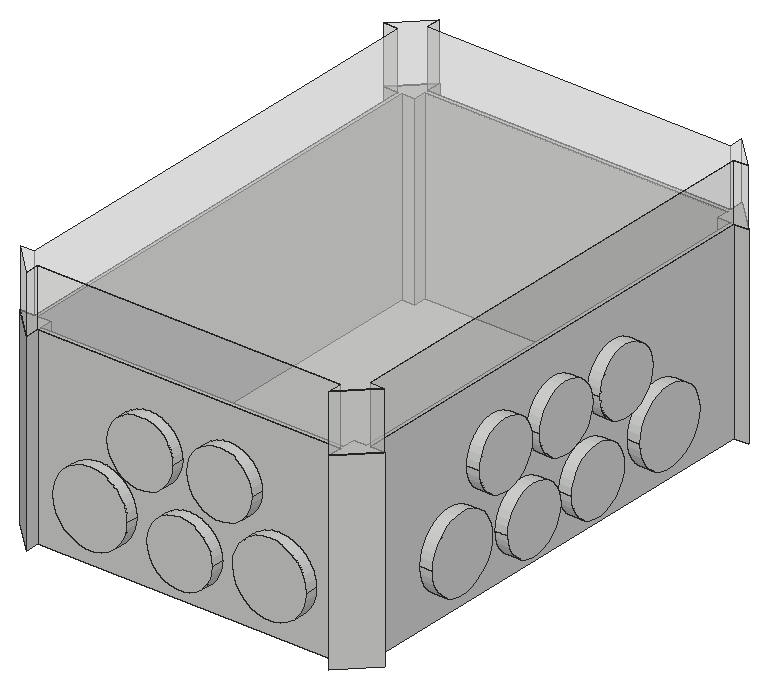
Revit family "PV Systemlösung Typ 1+2 _Typ 2 für WR mit  MPP-Tracker", category Generic Models, Revit 2015
Parameters (values of type "VG-BCPV 900KS 11")
  Width = 201.4 mm
  URL = "http://www.obo-bettermann.com"
  Material 3 = OBO TPE
  Material 2 = PC
  Material = OBO PP
  Manufacturer Art.No. = "5088581"
  Manufacturer = "OBO Bettermann"
  Length = 285 mm
  Height 1 = 105.8 mm
  Height = 137.5 mm
  GTIN = "4012196410873"
  Diameter 1 = 36.4 mm
  Diameter = 41 mm
  Article Type = "VG-BCPV 900KS 11"
Types (4, lengths in mm): name | Manufacturer Art.No. | GTIN | Article Type
  (no name) | "5088581" | "4012196410873" | "VG-BCPV 900KS 11"
  VG-BCPV900K 22 | "5088566" | "4012196190263" | "VG-BCPV900K 22"
  VG-CPV1000K 22 | "5088568" | "4012196329854" | "VG-CPV1000K 22"
  VG-BCPV 900KS 11 | "5088581" | "4012196410873" | "VG-BCPV 900KS 11"
Reference planes
  plane 1 "Center (Front/Back)": y = 0
  plane 2: z = 0
  plane 3 "Center (Left/Right)": x = 0
  plane 4: z = 105.8
  plane 5: z = 137.5
  plane 6: z = 4.1
  plane 7: z = 134.8
  plane 8: y = -141.15
  plane 9: y = 141.15
  plane 10: x = 100.38
  plane 11: x = -100.38
Forms (mm)
  Extrusion 1, solid, material "OBO PP" <- "Material"
    sketch origin (0, 0, 0) x (1, 0, 0) y (0, 1, 0)
      loop
        line (-100.7, 125.475) -> (-92.85, 125.475) -> (-92.85, -125.475) -> (-100.7, -125.475) -> (-83.6, -142.5) -> (-83.6, -134.6) -> (83.6, -134.6) -> (83.6, -142.5) -> (100.7, -125.475) -> (92.85, -125.475) -> (92.85, 125.475) -> (100.7, 125.475) -> (83.6, 142.5) -> (83.6, 134.6) -> (-83.6, 134.6) -> (-83.6, 142.5) -> (-100.7, 125.475)
    from 0 to 105.8
  Extrusion 2, void
    sketch origin (0, 0, 0) x (1, 0, 0) y (0, 1, 0)
      loop
        line (-90.85, 125.475) -> (-90.85, -125.475) -> (-83.6, -125.475) -> (-83.6, -132.6) -> (83.6, -132.6) -> (83.6, -125.475) -> (90.85, -125.475) -> (90.85, 125.475) -> (83.6, 125.475) -> (83.6, 132.6) -> (-83.6, 132.6) -> (-83.6, 125.475) -> (-90.85, 125.475)
    from 4.1 to 134.8
  Extrusion 3, solid, material "PC" <- "Material 2"
    sketch origin (0, 0, 0) x (1, 0, 0) y (0, 1, 0)
      loop
        line (-83.6, 142.5) -> (-100.7, 125.475) -> (-92.85, 125.475) -> (-92.85, -125.475) -> (-100.7, -125.475) -> (-83.6, -142.5) -> (-83.6, -134.6) -> (83.6, -134.6) -> (83.6, -142.5) -> (100.7, -125.475) -> (92.85, -125.475) -> (92.85, 125.475) -> (100.7, 125.475) -> (83.6, 142.5) -> (83.6, 134.6) -> (-83.6, 134.6) -> (-83.6, 142.5)
    from 105.8 to 137.5
  Extrusion 4, solid, material "OBO TPE" <- "Material 3"
    sketch origin (0, 0, 0) x (1, 0, 0) y (0, 0, 1)
      loop
        circle (0, 27.2) r 18.2
      loop
        circle (49.6, 32.2) r 20.5
      loop
        circle (-49.6, 32.2) r 20.5
      loop
        circle (-22, 69.4) r 18.2
      loop
        circle (22, 69.4) r 18.2
    from 134.6 to 141.15
  Extrusion 5, solid, material "OBO TPE" <- "Material 3"
    sketch origin (0, 0, 0) x (1, 0, 0) y (0, 0, 1)
      loop
        circle (22, 69.4) r 18.2
      loop
        circle (-22, 69.4) r 18.2
      loop
        circle (0, 27.2) r 18.2
      loop
        circle (49.6, 32.2) r 20.5
      loop
        circle (-49.6, 32.2) r 20.5
    from -141.15 to -134.6
  Extrusion 6, solid, material "OBO TPE" <- "Material 3"
    sketch origin (0, 0, 0) x (0, 1, 0) y (0, 0, 1)
      loop
        circle (-71.6, 32.2) r 20.5
      loop
        circle (-22, 27.2) r 18.2
      loop
        circle (22, 27.2) r 18.2
      loop
        circle (71.6, 32.2) r 20.5
      loop
        circle (-41.6, 67.9) r 18.2
      loop
        circle (0, 67.9) r 18.2
      loop
        circle (41.6, 67.9) r 18.2
    from 92.85 to 100.38
  Extrusion 7, solid, material "OBO TPE" <- "Material 3"
    sketch origin (0, 0, 0) x (0, 1, 0) y (0, 0, 1)
      loop
        circle (41.6, 67.9) r 18.2
      loop
        circle (0, 67.9) r 18.2
      loop
        circle (-41.6, 67.9) r 18.2
      loop
        circle (-71.6, 32.2) r 20.5
      loop
        circle (-22, 27.2) r 18.2
      loop
        circle (22, 27.2) r 18.2
      loop
        circle (71.6, 32.2) r 20.5
    from -100.38 to -92.85
Cuts and joins
  Extrusion 2 cuts Extrusion 1
Dimensions and locks
  "Height 1": plane 4 to level
  "Height": plane 5 to level
  locked: plane 5 to plane 7 at 2.7
  locked: plane 6 to level at 4.1
  locked: Extrusion 1 sketch curve to Extrusion 1 sketch curve at 167.2  (x2)
  equal spacing: Extrusion 1 sketch curve, plane 3 "Center (Left/Right)", Extrusion 1 sketch curve, locked at 83.6 each  (x2)
  locked: Extrusion 1 sketch curve to Extrusion 1 sketch curve at 185.7
  equal spacing: Extrusion 1 sketch curve, plane 3 "Center (Left/Right)", Extrusion 1 sketch curve, locked at 92.85 each
  "Length": Extrusion 1 sketch curve to Extrusion 1 sketch curve
  locked: Extrusion 1 sketch curve to Extrusion 1 sketch curve at 269.2
  equal spacing: Extrusion 1 sketch curve, plane 1 "Center (Front/Back)", Extrusion 1 sketch curve, locked at 134.6 each
  equal spacing: Extrusion 1 sketch curve, plane 1 "Center (Front/Back)", Extrusion 1 sketch curve, locked at 142.5 each
  "Width": Extrusion 1 sketch curve to Extrusion 1 sketch curve  (x2)
  equal spacing: Extrusion 1 sketch curve, plane 3 "Center (Left/Right)", Extrusion 1 sketch curve, locked at 100.7 each  (x2)
  locked: Extrusion 1 sketch curve to Extrusion 1 sketch curve at 250.95
  equal spacing: Extrusion 1 sketch curve, plane 1 "Center (Front/Back)", Extrusion 1 sketch curve, locked at 125.475 each
  locked: Extrusion 3 to Extrusion 2 sketch curve at 2  (x3)
  locked: Extrusion 2 sketch curve to Extrusion 3 at 2
  locked: Extrusion 2 sketch curve to Extrusion 2 sketch curve at 7.25  (x4)
  locked: Extrusion 2 sketch curve to Extrusion 2 sketch curve at 7.125  (x4)
  locked: Extrusion 4 sketch curve to cut or joined group of Extrusion 1, Extrusion 2 at 27.2
  locked: Extrusion 4 sketch curve to cut or joined group of Extrusion 1, Extrusion 2 at 32.2  (x2)
  locked: plane 3 "Center (Left/Right)" to Extrusion 4 sketch curve at 49.6
  Extrusion 4 sketch curve to plane 3 "Center (Left/Right)" = 49.6 mm
  locked: Extrusion 4 sketch curve to level at 69.4
  locked: Extrusion 4 sketch curve to cut or joined group of Extrusion 1, Extrusion 2 at 69.4
  locked: plane 3 "Center (Left/Right)" to Extrusion 4 sketch curve at 22
  locked: Extrusion 4 sketch curve to plane 3 "Center (Left/Right)" at 22
  locked: plane 9 to plane 8 at 282.3
  locked: plane 1 "Center (Front/Back)" to plane 9 at 141.15
  locked: cut or joined group of Extrusion 1, Extrusion 2 to Extrusion 6 sketch curve at 27.2  (x2)
  locked: cut or joined group of Extrusion 1, Extrusion 2 to Extrusion 6 sketch curve at 32.2  (x2)
  locked: Extrusion 6 sketch curve to plane 1 "Center (Front/Back)" at 22
  locked: plane 1 "Center (Front/Back)" to Extrusion 6 sketch curve at 22
  locked: Extrusion 6 sketch curve to plane 1 "Center (Front/Back)" at 71.6
  locked: plane 1 "Center (Front/Back)" to Extrusion 6 sketch curve at 71.6
  locked: cut or joined group of Extrusion 1, Extrusion 2 to Extrusion 6 sketch curve at 67.9  (x2)
  locked: Extrusion 6 sketch curve to level at 67.9
  locked: Extrusion 6 sketch curve to plane 1 "Center (Front/Back)" at 41.6
  locked: plane 1 "Center (Front/Back)" to Extrusion 6 sketch curve at 41.6
  locked: plane 3 "Center (Left/Right)" to plane 10 at 100.38
  locked: plane 11 to plane 3 "Center (Left/Right)" at 100.38
  "Diameter 1": diameter of Extrusion 4 sketch curve  (x3)
  "Diameter": diameter of Extrusion 4 sketch curve  (x2)
  "Diameter 1": diameter of Extrusion 6 sketch curve  (x5)
  "Diameter": diameter of Extrusion 6 sketch curve  (x2)
  aligned and locked: level to plane 2
  aligned and locked: plane 4 to Extrusion 1
  aligned and locked: Extrusion 1 to level
  aligned and locked: Extrusion 2 to plane 6
  aligned and locked: plane 7 to Extrusion 2
  aligned and locked: Extrusion 1 sketch curve to Extrusion 1 sketch curve  (x4)
  aligned and locked: Extrusion 3 sketch curve to cut or joined group of Extrusion 1, Extrusion 2  (x16)
  aligned and locked: Extrusion 3 to plane 4
  aligned and locked: plane 5 to Extrusion 3
  aligned and locked: Extrusion 4 to cut or joined group of Extrusion 1, Extrusion 2
  aligned and locked: Extrusion 4 to plane 8
  aligned and locked: Extrusion 5 sketch curve to Extrusion 4  (x10)
  aligned and locked: plane 9 to Extrusion 5
  aligned and locked: Extrusion 5 to cut or joined group of Extrusion 1, Extrusion 2
  aligned and locked: Extrusion 6 to cut or joined group of Extrusion 1, Extrusion 2
  aligned and locked: plane 10 to Extrusion 6
  aligned and locked: Extrusion 7 sketch curve to Extrusion 6  (x14)
  aligned and locked: plane 11 to Extrusion 7
  aligned and locked: Extrusion 7 to cut or joined group of Extrusion 1, Extrusion 2
Automatic sketch dimensions
  Extrusion 4 sketch curve to plane 3 "Center (Left/Right)" = 0 mm
  Extrusion 6 sketch curve to plane 1 "Center (Front/Back)" = 0 mm
